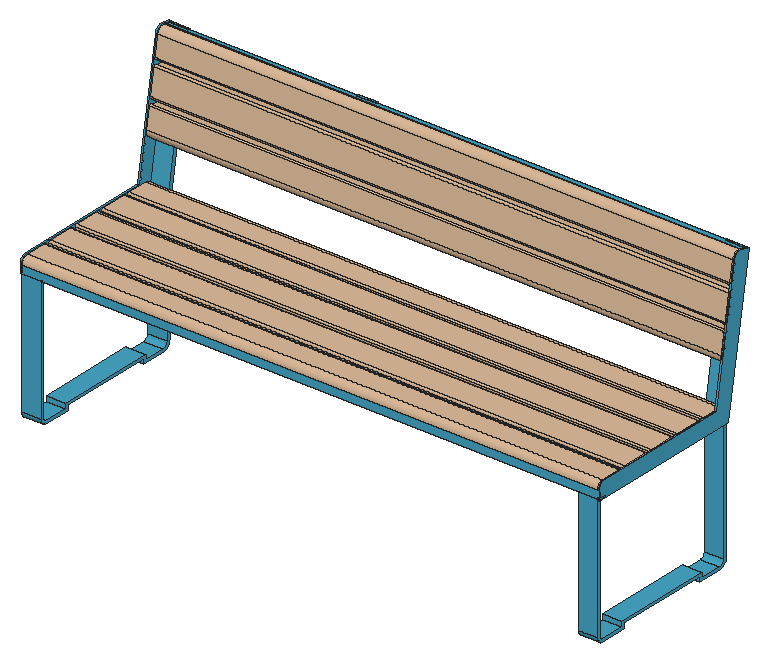
Revit family "product code 61202-S-L", category Meble, Revit 2021
Family settings
  Numer OmniClass = 23.40.20.00
  Tytuł OmniClass = General Furniture and Specialties
  Oparty na płaszczyźnie roboczej = Nie
  Zawsze pionowo = Tak
  Tnij formami wycięć po wczytaniu = Nie
  Współdzielony = Nie
  Punkt obliczania pomieszczeń = Nie
Parameters (values of type "61202-S-L")
  wood = Kobenhagen Wood - Larch
  metal = Kobenhagen RAL 5012
  Width = "58 cm"
  Weight = "60 kg"
  URL = "https://kobenhagen.com/en_US/p/Frederiksberg-4-person-Bench/135"
  Seat height = "45 cm"
  Product line = "Frederiksberg"
  Product Groups = "Sofa Benches"
  Producent = "Lars Laj"
  Keynote = ""
  Opis = "Frederiksberg 4-person Bench"
  Model = "61202-S-L"
  Material = "Larch, stainless steel, powder coated steel"
  Maintenance = "We recommend to examine and tighten all screws and bolt clamps after a few weeks’ use. In order to prevent cracks and to extend the life of the wood, it is recommended that the wood details should be oiled every 3-5 years."
  Lenght = "180 cm"
  Type Comments = ""
  Kobenhagen Materials = "larslaj.com/bim"
  Hosted on larslaj.com = "https://larslaj.com/bim"
  Height = "86 cm"
  Domyślna rzędna = 0 mm
  Copyright = "All designs and drawings are the intellectual property of Lars Laj A/S and are protected by Danish and international copyright laws."
Reference planes
  plane 1 "front": y = 0
  plane 2: z = 0
  plane 3 "Środek (Lewa/Prawa)": x = 0
  plane 4 "left": x = -895
  plane 5 "right": x = 895
  plane 6 "back": y = 575.242
  plane 7: x = -835
  plane 8: x = 835
  plane 9: x = -280.833
  plane 10: x = 285.833
Forms (mm)
  Extrusion 1, solid, material "Kobenhagen Wood - Larch" <- "wood"
    sketch origin (0, -0.031, 21.46) x (0, 1, 0) y (0, 0, 1)
      loop
        arc (260.118, 430.04) -> (256.583, 428.576) -> (255.118, 425.04) r 5
        line (255.118, 425.04) -> (255.118, 388.972)
        arc (255.118, 388.972) -> (255.693, 387.586) -> (257.078, 387.012) r 1.96
        line (257.078, 387.012) -> (342.493, 387.012)
        arc (342.493, 387.012) -> (343.908, 387.598) -> (344.493, 389.012) r 2
        line (344.493, 389.012) -> (344.493, 425.04)
        arc (344.493, 425.04) -> (343.029, 428.576) -> (339.493, 430.04) r 5
        line (339.493, 430.04) -> (260.118, 430.04)
    from -895 to 895
  Extrusion 2, solid, material "Kobenhagen Wood - Larch" <- "wood"
    sketch origin (0, -102.48, 21.46) x (0, 1, 0) y (0, 0, 1)
      loop
        arc (260.118, 430.04) -> (256.583, 428.576) -> (255.118, 425.04) r 5
        line (255.118, 425.04) -> (255.118, 388.972)
        arc (255.118, 388.972) -> (255.693, 387.586) -> (257.078, 387.012) r 1.96
        line (257.078, 387.012) -> (342.493, 387.012)
        arc (342.493, 387.012) -> (343.908, 387.598) -> (344.493, 389.012) r 2
        line (344.493, 389.012) -> (344.493, 425.04)
        arc (344.493, 425.04) -> (343.029, 428.576) -> (339.493, 430.04) r 5
        line (339.493, 430.04) -> (260.118, 430.04)
    from -895 to 895
  Extrusion 3, solid, material "Kobenhagen Wood - Larch" <- "wood"
    sketch origin (0, -204.98, 21.46) x (0, 1, 0) y (0, 0, 1)
      loop
        arc (275.801, 430.04) -> (261.246, 423.784) -> (255.768, 408.918) r 20.061
        line (255.768, 408.918) -> (259.825, 408.918) -> (259.825, 387.013) -> (343.118, 387.013)
        arc (343.118, 387.013) -> (344.532, 387.598) -> (345.117, 389.012) r 1.999
        line (345.117, 389.012) -> (345.117, 425.043)
        arc (345.117, 425.043) -> (343.653, 428.577) -> (340.119, 430.04) r 4.998
        line (340.119, 430.04) -> (275.801, 430.04)
    from -895 to 895
  Extrusion 4, solid, material "Kobenhagen Wood - Larch" <- "wood"
    sketch origin (0, 102.52, 23.25) x (0, 1, 0) y (0, 0, 1)
      loop
        arc (260.118, 428.25) -> (256.583, 426.786) -> (255.118, 423.25) r 5
        line (255.118, 423.25) -> (255.118, 387.182)
        arc (255.118, 387.182) -> (255.693, 385.796) -> (257.078, 385.222) r 1.96
        line (257.078, 385.222) -> (342.493, 385.222)
        arc (342.493, 385.222) -> (343.908, 385.808) -> (344.493, 387.222) r 2
        line (344.493, 387.222) -> (344.493, 423.25)
        arc (344.493, 423.25) -> (343.029, 426.786) -> (339.493, 428.25) r 5
        line (339.493, 428.25) -> (260.118, 428.25)
    from -895 to 895
  Extrusion 5, solid, material "Kobenhagen Wood - Larch" <- "wood"
    sketch origin (0, 943.724, 450.045) x (0, 0.173648, 0.984808) y (0, -0.984808, 0.173648)
      loop
        arc (260.118, 430.036) -> (256.583, 428.571) -> (255.118, 425.036) r 5
        line (255.118, 425.036) -> (255.118, 389.305)
        arc (255.118, 389.305) -> (255.693, 387.919) -> (257.078, 387.345) r 1.96
        line (257.078, 387.345) -> (340.844, 387.345) -> (341.198, 407.626) -> (343.945, 407.626)
        arc (343.945, 407.626) -> (337.497, 423.461) -> (321.714, 430.036) r 22.231
        line (321.714, 430.036) -> (260.118, 430.036)
    from -895 to 895
  Extrusion 6, solid, material "Kobenhagen Wood - Larch" <- "wood"
    sketch origin (0, 925.653, 348.398) x (0, 0.173648, 0.984808) y (0, -0.984808, 0.173648)
      loop
        arc (260.118, 429.703) -> (256.583, 428.239) -> (255.118, 424.703) r 5
        line (255.118, 424.703) -> (255.118, 388.972)
        arc (255.118, 388.972) -> (255.693, 387.586) -> (257.078, 387.012) r 1.96
        line (257.078, 387.012) -> (342.493, 387.012)
        arc (342.493, 387.012) -> (343.908, 387.598) -> (344.493, 389.012) r 2
        line (344.493, 389.012) -> (344.493, 424.703)
        arc (344.493, 424.703) -> (343.029, 428.239) -> (339.493, 429.703) r 5
        line (339.493, 429.703) -> (260.118, 429.703)
    from -895 to 895
  Extrusion 7, solid, material "Kobenhagen RAL 5012" <- "metal", not visible
    sketch origin (0, 0, 0) x (0, 1, 0) y (0, 0, 1)
      loop
        arc (71.187, 451.5) -> (57.045, 445.642) -> (51.187, 431.5) r 20
        line (51.187, 431.5) -> (51.187, 18.231)
        arc (51.187, 18.231) -> (56.527, 5.34) -> (69.418, 0) r 18.231
        line (69.418, 0) -> (153.638, 0) -> (153.638, 15) -> (448.638, 15) -> (448.638, 0) -> (527.023, 0)
        arc (527.023, 0) -> (542.307, 6.331) -> (548.638, 21.615) r 21.615
        line (548.638, 21.615) -> (548.638, 429.407)
        arc (548.638, 429.407) -> (542.168, 445.029) -> (526.545, 451.5) r 22.093
        line (526.545, 451.5) -> (71.187, 451.5)
    from 750.378 to 745
  Extrusion 8, solid, material "Kobenhagen RAL 5012" <- "metal", not visible
    sketch origin (0, 0, 0) x (0, 1, 0) y (0, 0, 1)
      loop
        line (548.638, 396.844) -> (629.375, 854.725) -> (601.836, 859.581)
        arc (601.836, 859.581) -> (585.224, 855.898) -> (576.082, 841.547) r 22.232
        line (576.082, 841.547) -> (507.306, 451.5) -> (526.545, 451.5)
        arc (526.545, 451.5) -> (542.168, 445.029) -> (548.638, 429.407) r 22.093
        line (548.638, 429.407) -> (548.638, 396.844)
    from 745 to 750.378
  Extrusion 9, solid, material "Kobenhagen RAL 5012" <- "metal"
    sketch origin (-150, 0, 0) x (0, -1, 0) y (0, 0, 1)
      loop
        line (-550.238, 405.913) -> (-51.187, 405.913) -> (-51.187, 431.5)
        arc (-51.187, 431.5) -> (-57.045, 445.642) -> (-71.187, 451.5) r 20
        line (-71.187, 451.5) -> (-507.306, 451.5) -> (-576.082, 841.547)
        arc (-576.082, 841.547) -> (-585.224, 855.898) -> (-601.836, 859.581) r 22.232
        line (-601.836, 859.581) -> (-629.375, 854.725) -> (-550.238, 405.913)
    from 745 to 750.378
  Extrusion 10, solid, material "Kobenhagen RAL 5012" <- "metal"
    sketch origin (0, 0, 0) x (0, 1, 0) y (0, 0, 1)
      loop
        line (548.638, 396.844) -> (629.375, 854.725) -> (621.989, 856.027) -> (543.073, 408.472) -> (51.187, 408.472) -> (51.187, 18.763)
        arc (51.187, 18.763) -> (56.683, 5.495) -> (69.95, 0) r 18.763
        line (69.95, 0) -> (153.638, 0) -> (153.638, 15) -> (448.638, 15) -> (448.638, 0) -> (525.342, 0)
        arc (525.342, 0) -> (541.815, 6.823) -> (548.638, 23.296) r 23.296
        line (548.638, 23.296) -> (548.638, 396.844)
      loop
        line (58.687, 401.902) -> (58.687, 18.763)
        arc (58.687, 18.763) -> (61.986, 10.799) -> (69.95, 7.5) r 11.263
        line (69.95, 7.5) -> (146.138, 7.5) -> (146.138, 22.5) -> (456.138, 22.5) -> (456.138, 7.5) -> (525.342, 7.5)
        arc (525.342, 7.5) -> (536.512, 12.127) -> (541.138, 23.296) r 15.796
        line (541.138, 23.296) -> (541.138, 397.5) -> (541.915, 401.902) -> (58.687, 401.902)
    from -895 to -835
  Extrusion 11, solid, material "Kobenhagen RAL 5012" <- "metal"
    sketch origin (0, 0, 0) x (0, 1, 0) y (0, 0, -1)
      loop
        line (548.638, -396.844) -> (548.638, -23.296)
        arc (548.638, -23.296) -> (541.815, -6.823) -> (525.342, 0) r 23.296
        line (525.342, 0) -> (448.638, 0) -> (448.638, -15) -> (153.638, -15) -> (153.638, 0) -> (69.95, 0)
        arc (69.95, 0) -> (56.683, -5.495) -> (51.187, -18.763) r 18.763
        line (51.187, -18.763) -> (51.187, -408.472) -> (543.073, -408.472) -> (621.989, -856.027) -> (629.375, -854.725) -> (548.638, -396.844)
      loop
        line (58.687, -401.902) -> (541.915, -401.902) -> (541.138, -397.5) -> (541.138, -23.296)
        arc (541.138, -23.296) -> (536.512, -12.127) -> (525.342, -7.5) r 15.796
        line (525.342, -7.5) -> (456.138, -7.5) -> (456.138, -22.5) -> (146.138, -22.5) -> (146.138, -7.5) -> (69.95, -7.5)
        arc (69.95, -7.5) -> (61.986, -10.799) -> (58.687, -18.763) r 11.263
        line (58.687, -18.763) -> (58.687, -401.902)
    from -895 to -835
  Extrusion 12, solid, material "Kobenhagen RAL 5012" <- "metal"
    sketch origin (0, 0, 0) x (0, 1, 0) y (0, 0, 1)
      loop
        line (581.764, 584.709) -> (629.375, 854.725) -> (621.989, 856.027) -> (574.378, 586.011) -> (581.764, 584.709)
      loop
        line (528.31, 408.472) -> (70.901, 408.472) -> (70.901, 405.913) -> (528.31, 405.913) -> (528.31, 408.472)
    from -250.845 to -310.616
  Extrusion 13, solid, material "Kobenhagen RAL 5012" <- "metal"
    sketch origin (0, 0, 0) x (0, 1, 0) y (0, 0, -1)
      loop
        line (576.994, -585.55) -> (574.378, -586.011) -> (618.441, -835.906) -> (621.057, -835.445) -> (576.994, -585.55)
      loop
        line (528.31, -408.472) -> (528.31, -405.913) -> (58.09, -405.913) -> (58.09, -408.472) -> (528.31, -408.472)
    from -255.616 to -315.616
  Extrusion 14, solid, material "Kobenhagen Wood - Larch" <- "wood"
    sketch origin (0, 803.906, 21.46) x (0, -1, 0) y (0, 0, -1)
      loop
        line (275.801, -430.04) -> (340.119, -430.04)
        arc (340.119, -430.04) -> (343.653, -428.577) -> (345.117, -425.043) r 4.998
        line (345.117, -425.043) -> (345.117, -389.012)
        arc (345.117, -389.012) -> (344.532, -387.598) -> (343.118, -387.013) r 1.999
        line (343.118, -387.013) -> (259.147, -387.013) -> (259.147, -408.135) -> (255.825, -408.135)
        arc (255.825, -408.135) -> (260.978, -423.497) -> (275.801, -430.04) r 20.061
    from -895 to 895
  Extrusion 15, solid, material "Kobenhagen Wood - Larch" <- "wood"
    sketch origin (0, 1012.016, 836.251) x (0, -0.173648, -0.984808) y (0, 0.984808, -0.173648)
      loop
        line (260.118, -430.036) -> (321.714, -430.036)
        arc (321.714, -430.036) -> (337.886, -423.059) -> (343.907, -406.508) r 22.231
        line (343.907, -406.508) -> (341.178, -406.508) -> (340.844, -387.345) -> (257.078, -387.345)
        arc (257.078, -387.345) -> (255.693, -387.919) -> (255.118, -389.305) r 1.96
        line (255.118, -389.305) -> (255.118, -425.036)
        arc (255.118, -425.036) -> (256.583, -428.571) -> (260.118, -430.036) r 5
    from -895 to 895
  Extrusion 16, solid, material "Kobenhagen RAL 5012" <- "metal"
    sketch origin (0, 0.222, 0.091) x (0, 1, 0) y (0, 0, 1)
      loop
        line (624.848, 855.34) -> (604.709, 859.052) -> (604.207, 856.208) -> (621.46, 853.027) -> (618.538, 836.456) -> (621.274, 835.952) -> (624.848, 855.34)
    from -895 to 895
  Extrusion 17, solid, material "Kobenhagen RAL 5012" <- "metal"
    sketch origin (0, 295.535, 1586.114) x (0, 0.933988, -0.357304) y (0, 0.357304, 0.933988)
      loop
        line (624.848, -855.34) -> (620.859, -833.697) -> (618.14, -834.198) -> (621.46, -853.027) -> (602.963, -856.437) -> (603.465, -859.282) -> (624.848, -855.34)
    from -835 to 835
  Extrusion 18, solid, material "Kobenhagen RAL 5012" <- "metal"
    sketch origin (0, 1004.928, 866.387) x (0, -0.179787, -0.983706) y (0, 0.983706, -0.179787)
      loop
        line (624.848, -855.34) -> (621.304, -835.947) -> (618.435, -836.475) -> (621.46, -853.027) -> (600.843, -856.828) -> (601.362, -859.669) -> (624.848, -855.34)
    from -895 to 900.378
  Extrusion 19, solid, material "Kobenhagen RAL 5012" <- "metal"
    sketch origin (0, -405.713, 866.397) x (0, 0.179787, -0.983706) y (0, 0.983706, 0.179787)
      loop
        line (624.848, 855.34) -> (601.344, 859.673) -> (600.825, 856.831) -> (621.46, 853.027) -> (618.434, 836.471) -> (621.304, 835.947) -> (624.848, 855.34)
    from -835 to 835
  Extrusion 20, solid, material "Kobenhagen RAL 5012" <- "metal"
    sketch origin (150, 0, 0) x (0, -1, 0) y (0, 0, -1)
      loop
        line (-549.53, -401.902) -> (-629.375, -854.725) -> (-601.836, -859.581)
        arc (-601.836, -859.581) -> (-585.224, -855.898) -> (-576.082, -841.547) r 22.232
        line (-576.082, -841.547) -> (-507.306, -451.5) -> (-71.187, -451.5)
        arc (-71.187, -451.5) -> (-57.045, -445.642) -> (-51.187, -431.5) r 20
        line (-51.187, -431.5) -> (-51.187, -401.902) -> (-549.53, -401.902)
    from 745 to 750.378
Lines and regions (mm)
  model lines, style "9"
    curve 1: line (-895, -744.003, 0) -> (-895, -750.003, 0)
    curve 2: line (-895, -444.003, 0) -> (-895, -438.003, 0)
Dimensions and locks
  Extrusion 1 sketch curve to Extrusion 1 sketch curve = 89.375 mm
  Extrusion 1 sketch curve to Extrusion 1 sketch curve = 43.028 mm
  Extrusion 2 sketch curve to Extrusion 2 sketch curve = 89.375 mm
  Extrusion 2 sketch curve to Extrusion 2 sketch curve = 43.028 mm
  Extrusion 3 sketch curve to Extrusion 3 sketch curve = 43.028 mm
  Extrusion 4 sketch curve to Extrusion 4 sketch curve = 89.375 mm
  Extrusion 4 sketch curve to Extrusion 4 sketch curve = 43.028 mm
  Extrusion 5 sketch curve to Extrusion 5 sketch curve = 42.691 mm
  Extrusion 6 sketch curve to Extrusion 6 sketch curve = 89.375 mm
  Extrusion 6 sketch curve to Extrusion 6 sketch curve = 42.691 mm
  Extrusion 14 sketch curve to Extrusion 14 sketch curve = 43.028 mm
  Extrusion 15 sketch curve to Extrusion 15 sketch curve = 42.691 mm
  aligned and locked: level to plane 2
  aligned and locked: plane 5 "right" to Extrusion 1
  aligned and locked: Extrusion 1 to plane 4 "left"
  aligned and locked: plane 5 "right" to Extrusion 4
  aligned and locked: plane 5 "right" to Extrusion 2
  aligned and locked: plane 5 "right" to Extrusion 3
  aligned and locked: plane 5 "right" to Extrusion 5
  aligned and locked: plane 5 "right" to Extrusion 6
  aligned and locked: Extrusion 5 to plane 4 "left"
  aligned and locked: Extrusion 6 to plane 4 "left"
  aligned and locked: Extrusion 4 to plane 4 "left"
  aligned and locked: Extrusion 2 to plane 4 "left"
  aligned and locked: Extrusion 3 to plane 4 "left"
  aligned and locked: Extrusion 10 to plane 4 "left"
  aligned and locked: plane 7 to Extrusion 10
  aligned and locked: plane 8 to Extrusion 11
  aligned and locked: plane 5 "right" to Extrusion 11
